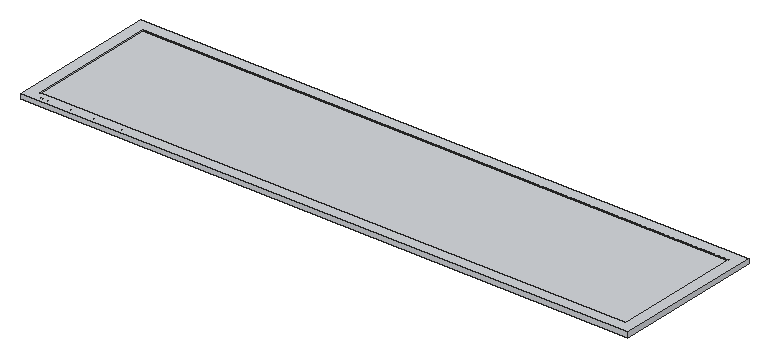
Revit family "1195x295_START Panel Backlit UGR19 - Copy", category Lighting Fixtures, host Face, Revit 2017
Family settings
  Host = Face
  Round Connector Dimension = Use Diameter
  Part Type = Normal
  OmniClass Number = 23.80.70.00
  OmniClass Title = Lighting
  Cut with Voids When Loaded = No
  Light Source = Yes
  Shared = No
  Room Calculation Point = No
Parameters (values of type "0042241")
  Weight = "127.245 kg"
  Wattage Comments = ""
  Wattage = 34 W
  WarrantyStartDate [instance] = "n/a"
  WarrantyGuarantorParts = "n/a"
  WarrantyDurationUnit = "n/a"
  WarrantyDurationParts = "n/a"
  WarrantyDescription = "n/a"
  WIDTH_SYL = 147.5 mm
  built-in parameter 1150110 = 1 (stored number, unit not read)
  Voltage = 0 V
  URL = "http://www.sylvania-lighting.com\\0042241"
  TypeName = "START Panel 1200x300HE 4100Lm 840 LILO"
  Type Image = <None>
  Type Comments = "n/a"
  built-in parameter 1114217 = 1 (stored number, unit not read)
  Tilt Angle = -90.00°
  built-in parameter 1150109 = 1 (stored number, unit not read)
  built-in parameter 1150134 = 12
  TOP__WIDTH_SYL = 545 mm
  TOP_WIDTH_SYL = 265 mm
  TOP_DEPTH_SYL = 95 mm
  built-in parameter 1150113 = 1 (stored number, unit not read)
  SerialNumber [instance] = "n/a"
  Photometric Web File = "0042241.ies"
  Material_3_SYL = none
  PowerFactor = 0.9
  PowerConsumption = "34 W"
  NominalLength = 1195 mm
  NominalHeight = 35 mm
  NominalDepth = 295 mm
  Name = "START Panel 1200x300HE 4100Lm 840 LILO"
  ModelReference = Name  # "START Panel 1200x300HE 4100Lm 840 LILO"
  ModelNumber = "0042241"
  Model = Name  # "START Panel 1200x300HE 4100Lm 840 LILO"
  Material = "aluminium,steel housing, other diffuser"
  ManufacturerName = "Feilo Sylvania"
  Manufacturer = "Feilo Sylvania"
  MAINHEIGHT_SYL = 63 mm
  LuminousEfficacy = "121 lm/W"
  built-in parameter 1150105 = 401.9 (stored number, unit not read)
  Lumens = 5050.43 lm
  LuminaireType = ""
  built-in parameter 1150115 = 1 (stored number, unit not read)
  LightOutputRatio = "n/a"
  built-in parameter 1150137 = (empty or 0)
  built-in parameter 1150139 = (empty or 0)
  LampsType = Lamp  # "LED"
  LampNominalLuminous = "4100 lm"
  LampMacAdamStep = "6"
  LampColourTemperature = "4000 K"
  LampColourRenderingIndex = "80"
  built-in parameter 1150112 = 1 (stored number, unit not read)
  built-in parameter 1150114 = 1 (stored number, unit not read)
  Lamp = "LED"
  LUMWIDTH_SYL = 576.5 mm
  LUMDEPTH_SYL = 126.5 mm
  Keynote = "16500"
  InstallationDate [instance] = "n/a"
  InputVoltage = "n/a"
  InputNominalFrequency = "n/a"
  built-in parameter 1150132 = (empty or 0)
  built-in parameter 1150102 = (empty or 0)
  built-in parameter 1150107 = 4000 (stored number, unit not read)
  built-in parameter 1150138 = (empty or 0)
  IngressProtection = "IP40/20"
  ImpactProtectionIndex = "IK03"
  built-in parameter 1150106 = 4.019 (stored number, unit not read)
  IfcExportType = "IfcLightFixtureType"
  IfcExportAs = ""
  HEIGHT_SYL = 33 mm
  HEIGHTBOTT_SYL = 7 mm
  Emit from Circle Diameter = 609.6 mm
  Emit Shape Visible in Rendering = no
  ElectricShockClassification = "Class II"
  built-in parameter 1150104 = 13.8 (stored number, unit not read)
  DocumentationLiterature = "http://www.sylvania-lighting.com/product/en-int/products/0042241"
  DimmingControlOptions = ""
  Material_2_SYL = none
  Dimming Lamp Color Temperature Shift = <None>
  Description = ""
  Default Elevation = 1219.2 mm
  DEPTH_SYL = 597.5 mm
  CreatedOn = "7/6/2020"
  CreatedBy = "@sylvania-lighting.com"
  Cost = 0
  Color Filter = 16777215
  built-in parameter 1114216 [instance] = (empty or 0)
  ClassificationValue = "EF_70_80"
  ClassificationName = "Uniclass2015"
  Material_1_SYL = none
  BarCode [instance] = "n/a"
  built-in parameter 1114218 = 1 (stored number, unit not read)
  BOX_WIDTH_SYL = 40 mm
  built-in parameter 1150133 = 10 (stored number, unit not read)
  AssetType = "Fixed"
  AssetIdentifier [instance] = "n/a"
  Assembly Code = "D5020200"
  Apparent Load = 34 VA
  Material_4_SYL = none
  -LUMDEPTH_SYL = LUMDEPTH_SYL * (-1)  # -126.5 mm
  -BOX_WIDTH_SYL = BOX_WIDTH_SYL * (-1)  # -40 mm
Reference planes
  plane 1 "Center (Front/Back)": y = 0
  plane 2: z = 0
  plane 3 "Center (Left/Right)": x = 0
  plane 4: z = -33
  plane 5: z = -7
  plane 6: z = -63
  plane 7: x = 597.5
  plane 8: x = -597.5
  plane 9: y = 147.5
  plane 10: y = -147.5
  plane 11: x = 576.5
  plane 12: x = -576.5
  plane 13: y = -126.5
  plane 14: y = 126.5
  plane 15: y = -265
  plane 16: y = 265
  plane 17: x = -40
  plane 18: x = 40
  plane 19: x = 0
  plane 20: x = -545
  plane 21: x = 545
  plane 22: y = -95
  plane 23: y = 95
Forms (mm)
  Extrusion 1, solid
    sketch origin (0, 0, 0) x (1, 0, 0) y (0, 1, 0)
      loop
        line (-597.5, 147.5) -> (-597.5, -147.5) -> (597.5, -147.5) -> (597.5, 147.5) -> (-597.5, 147.5)
    from -7 to 2
  Extrusion 2, void
    sketch origin (0, 0, 0) x (1, 0, 0) y (0, 1, 0)
      loop
        line (-576.5, 126.5) -> (-576.5, -126.5) -> (576.5, -126.5) -> (576.5, 126.5) -> (-576.5, 126.5)
    from 0 to 2
  Extrusion 3, solid
    sketch origin (0, 0, 0) x (1, 0, 0) y (0, 0, 1)
      loop
        line (-40, -33) -> (-40, -63) -> (40, -63) -> (40, -33) -> (-40, -33)
    from -40 <- "-BOX_WIDTH_SYL" to 40 <- "BOX_WIDTH_SYL"
  Extrusion 4, solid
    sketch origin (0, 0, 0) x (1, 0, 0) y (0, 0, 1)
      loop
        line (-576.5, -7) -> (-545, -33) -> (545, -33) -> (576.5, -7) -> (-576.5, -7)
    from -126.5 <- "-LUMDEPTH_SYL" to 126.5 <- "LUMDEPTH_SYL"
  Extrusion 5, void
    sketch origin (319, 1524, 1219.2) x (0, 1, 0) y (0, 0, 1)
      loop
        line (-1397.5, -1226.2) -> (-1429, -1252.2) -> (-1397.5, -1252.2) -> (-1397.5, -1226.2)
      loop
        line (-1650.5, -1226.2) -> (-1650.5, -1252.2) -> (-1619, -1252.2) -> (-1650.5, -1226.2)
    from -1000 to 1000
Cuts and joins
  Extrusion 2 cuts Extrusion 1
  Extrusion 5 cuts Extrusion 4
  joined: Extrusion 1, Extrusion 3, Extrusion 4
Dimensions and locks
  "HEIGHT_SYL": host face to plane 4
  "HEIGHTBOTT_SYL": host face to plane 5
  "MAINHEIGHT_SYL": host face to plane 6
  "DEPTH_SYL": plane 8 to plane 3 "Center (Left/Right)" to plane 7
  "WIDTH_SYL": plane 10 to plane 1 "Center (Front/Back)" to plane 9
  "LUMWIDTH_SYL": plane 12 to plane 3 "Center (Left/Right)" to plane 11
  "LUMDEPTH_SYL": plane 13 to plane 1 "Center (Front/Back)" to plane 14
  "TOP_WIDTH_SYL": plane 16 to imposter light to plane 15
  "BOX_WIDTH_SYL": plane 17 to imposter light to plane 18
  "TOP__WIDTH_SYL": plane 20 to imposter light to plane 21
  "TOP_DEPTH_SYL": plane 23 to imposter light to plane 22
  aligned and locked: plane 2 to host face
  aligned and locked: level to host face
  aligned and locked: Extrusion 1 sketch curve to plane 9
  aligned and locked: plane 8 to Extrusion 1 sketch curve
  aligned and locked: Extrusion 1 sketch curve to plane 10
  aligned and locked: Extrusion 1 sketch curve to plane 7
  aligned and locked: plane 14 to Extrusion 2 sketch curve
  aligned and locked: plane 12 to Extrusion 2 sketch curve
  aligned and locked: Extrusion 2 sketch curve to plane 13
  aligned and locked: Extrusion 2 sketch curve to plane 11
  aligned and locked: plane 4 to Extrusion 3 sketch curve
  aligned and locked: Extrusion 3 sketch curve to plane 17
  aligned and locked: Extrusion 3 sketch curve to plane 6
  aligned and locked: plane 18 to Extrusion 3 sketch curve
Automatic sketch dimensions
  host sketch curve to host sketch curve = 2438.4 mm  (x2)
  Extrusion 4 sketch curve to plane 5 = 0 mm
  Extrusion 4 sketch curve to plane 12 = 0 mm
  Extrusion 4 sketch curve to plane 4 = 0 mm
  plane 20 to Extrusion 4 sketch curve = 0 mm
  plane 21 to Extrusion 4 sketch curve = 0 mm
  Extrusion 4 sketch curve to plane 11 = 0 mm
  Extrusion 5 sketch curve to plane 13 = 0 mm
  plane 4 to Extrusion 5 sketch curve = 0 mm  (x2)
  Extrusion 5 sketch curve to plane 22 = 0 mm
  Extrusion 5 sketch curve to plane 23 = 0 mm
  Extrusion 5 sketch curve to plane 14 = 0 mm
  plane 5 to Extrusion 5 sketch curve = 0 mm  (x2)
